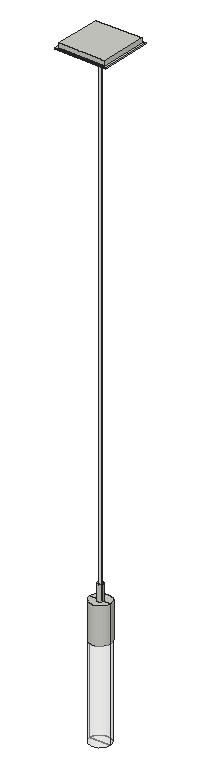
Revit family "Hemera_CDM_Cassandra-micro-suspension_R21", category Lighting Fixtures, host Ceiling, Revit 2021 (continued)
Types (224, lengths in mm): name | HL_CylinderSize | HL_CordDiameter | HL_REM-MC | HL_FinishCanopy | HL_FinishCylinder | HL_FinishCable | HL_CableStart | HL_D010 | HL_FeatureCode | HL_COC
  CDM-01-SBC-MD-COB-9W/90/30K-REM-MC-UNV | 228.60 | 3.175 | yes | 01-White painted | 01-White painted | SBC-Silky black cord | 15.88 | no | "CDM-01-SBC-MD-COB-9W/90/30K-REM-MC-UNV" | no
  CDM-01-SBC-SM-COB-9W/90/30K-REM-MC-UNV | 76.20 | 3.175 | yes | 01-White painted | 01-White painted | SBC-Silky black cord | 15.88 | no | "CDM-01-SBC-SM-COB-9W/90/30K-REM-MC-UNV" | no
  CDM-01-COC-MD-COB-9W/90/30K-D010-UNV | 228.60 | 1.59 | no | 01-White painted | 01-White painted | COC-Coaxial cable | 31.62 | yes | "CDM-01-COC-MD-COB-9W/90/30K-D010-UNV" | yes
  CDM-01-COC-MD-COB-9W/90/30K-REM-MC-UNV | 228.60 | 1.59 | yes | 01-White painted | 01-White painted | COC-Coaxial cable | 15.88 | no | "CDM-01-COC-MD-COB-9W/90/30K-REM-MC-UNV" | yes
  CDM-01-COC-SM-COB-9W/90/30K-D010-UNV | 76.20 | 1.59 | no | 01-White painted | 01-White painted | COC-Coaxial cable | 31.62 | yes | "CDM-01-COC-SM-COB-9W/90/30K-D010-UNV" | yes
  CDM-01-COC-SM-COB-9W/90/30K-REM-MC-UNV | 76.20 | 1.59 | yes | 01-White painted | 01-White painted | COC-Coaxial cable | 15.88 | no | "CDM-01-COC-SM-COB-9W/90/30K-REM-MC-UNV" | yes
  CDM-01-PWC-SM-COB-9W/90/30K-D010-UNV | 76.20 | 3.175 | no | 01-White painted | 01-White painted | PWC-Pearly white cord | 31.62 | yes | "CDM-01-PWC-SM-COB-9W/90/30K-D010-UNV" | no
  CDM-01-PWC-MD-COB-9W/90/30K-D010-UNV | 228.60 | 3.175 | no | 01-White painted | 01-White painted | PWC-Pearly white cord | 31.62 | yes | "CDM-01-PWC-MD-COB-9W/90/30K-D010-UNV" | no
  CDM-01-PWC-LG-COB-9W/90/30K-D010-UNV | 457.20 | 3.175 | no | 01-White painted | 01-White painted | PWC-Pearly white cord | 31.62 | yes | "CDM-01-PWC-LG-COB-9W/90/30K-D010-UNV" | no
  CDM-01-PWC-LG-COB-9W/90/30K-REM-MC-UNV | 457.20 | 3.175 | yes | 01-White painted | 01-White painted | PWC-Pearly white cord | 15.88 | no | "CDM-01-PWC-LG-COB-9W/90/30K-REM-MC-UNV" | no
  CDM-01-PWC-MD-COB-9W/90/30K-REM-MC-UNV | 228.60 | 3.175 | yes | 01-White painted | 01-White painted | PWC-Pearly white cord | 15.88 | no | "CDM-01-PWC-MD-COB-9W/90/30K-REM-MC-UNV" | no
  CDM-01-PWC-SM-COB-9W/90/30K-REM-MC-UNV | 76.20 | 3.175 | yes | 01-White painted | 01-White painted | PWC-Pearly white cord | 15.88 | no | "CDM-01-PWC-SM-COB-9W/90/30K-REM-MC-UNV" | no
  CDM-31-SGC-SM-COB-9W/90/30K-D010-UNV | 76.20 | 3.175 | no | 31-Polished nickel plated | 31-Polished nickel plated | SGC-Satin gold cord | 31.62 | yes | "CDM-31-SGC-SM-COB-9W/90/30K-D010-UNV" | no
  CDM-31-SGC-MD-COB-9W/90/30K-D010-UNV | 228.60 | 3.175 | no | 31-Polished nickel plated | 31-Polished nickel plated | SGC-Satin gold cord | 31.62 | yes | "CDM-31-SGC-MD-COB-9W/90/30K-D010-UNV" | no
  CDM-31-SGC-LG-COB-9W/90/30K-D010-UNV | 457.20 | 3.175 | no | 31-Polished nickel plated | 31-Polished nickel plated | SGC-Satin gold cord | 31.62 | yes | "CDM-31-SGC-LG-COB-9W/90/30K-D010-UNV" | no
  CDM-31-SGC-LG-COB-9W/90/30K-REM-MC-UNV | 457.20 | 3.175 | yes | 31-Polished nickel plated | 31-Polished nickel plated | SGC-Satin gold cord | 15.88 | no | "CDM-31-SGC-LG-COB-9W/90/30K-REM-MC-UNV" | no
  CDM-31-SGC-MD-COB-9W/90/30K-REM-MC-UNV | 228.60 | 3.175 | yes | 31-Polished nickel plated | 31-Polished nickel plated | SGC-Satin gold cord | 15.88 | no | "CDM-31-SGC-MD-COB-9W/90/30K-REM-MC-UNV" | no
  CDM-31-SGC-SM-COB-9W/90/30K-REM-MC-UNV | 76.20 | 3.175 | yes | 31-Polished nickel plated | 31-Polished nickel plated | SGC-Satin gold cord | 15.88 | no | "CDM-31-SGC-SM-COB-9W/90/30K-REM-MC-UNV" | no
  CDM-31-AGC-SM-COB-9W/90/30K-D010-UNV | 76.20 | 3.175 | no | 31-Polished nickel plated | 31-Polished nickel plated | AGC-Anthracite gray cord | 31.62 | yes | "CDM-31-AGC-SM-COB-9W/90/30K-D010-UNV" | no
  CDM-31-AGC-MD-COB-9W/90/30K-D010-UNV | 228.60 | 3.175 | no | 31-Polished nickel plated | 31-Polished nickel plated | AGC-Anthracite gray cord | 31.62 | yes | "CDM-31-AGC-MD-COB-9W/90/30K-D010-UNV" | no
  CDM-31-AGC-LG-COB-9W/90/30K-D010-UNV | 457.20 | 3.175 | no | 31-Polished nickel plated | 31-Polished nickel plated | AGC-Anthracite gray cord | 31.62 | yes | "CDM-31-AGC-LG-COB-9W/90/30K-D010-UNV" | no
  CDM-31-AGC-LG-COB-9W/90/30K-REM-MC-UNV | 457.20 | 3.175 | yes | 31-Polished nickel plated | 31-Polished nickel plated | AGC-Anthracite gray cord | 15.88 | no | "CDM-31-AGC-LG-COB-9W/90/30K-REM-MC-UNV" | no
  CDM-31-AGC-MD-COB-9W/90/30K-REM-MC-UNV | 228.60 | 3.175 | yes | 31-Polished nickel plated | 31-Polished nickel plated | AGC-Anthracite gray cord | 15.88 | no | "CDM-31-AGC-MD-COB-9W/90/30K-REM-MC-UNV" | no
  CDM-31-AGC-SM-COB-9W/90/30K-REM-MC-UNV | 76.20 | 3.175 | yes | 31-Polished nickel plated | 31-Polished nickel plated | AGC-Anthracite gray cord | 15.88 | no | "CDM-31-AGC-SM-COB-9W/90/30K-REM-MC-UNV" | no
  CDM-31-SBC-SM-COB-9W/90/30K-D010-UNV | 76.20 | 3.175 | no | 31-Polished nickel plated | 31-Polished nickel plated | SBC-Silky black cord | 31.62 | yes | "CDM-31-SBC-SM-COB-9W/90/30K-D010-UNV" | no
  CDM-31-SBC-MD-COB-9W/90/30K-D010-UNV | 228.60 | 3.175 | no | 31-Polished nickel plated | 31-Polished nickel plated | SBC-Silky black cord | 31.62 | yes | "CDM-31-SBC-MD-COB-9W/90/30K-D010-UNV" | no
  CDM-31-SBC-LG-COB-9W/90/30K-D010-UNV | 457.20 | 3.175 | no | 31-Polished nickel plated | 31-Polished nickel plated | SBC-Silky black cord | 31.62 | yes | "CDM-31-SBC-LG-COB-9W/90/30K-D010-UNV" | no
  CDM-31-SBC-LG-COB-9W/90/30K-REM-MC-UNV | 457.20 | 3.175 | yes | 31-Polished nickel plated | 31-Polished nickel plated | SBC-Silky black cord | 15.88 | no | "CDM-31-SBC-LG-COB-9W/90/30K-REM-MC-UNV" | no
  CDM-31-SBC-MD-COB-9W/90/30K-REM-MC-UNV | 228.60 | 3.175 | yes | 31-Polished nickel plated | 31-Polished nickel plated | SBC-Silky black cord | 15.88 | no | "CDM-31-SBC-MD-COB-9W/90/30K-REM-MC-UNV" | no
  CDM-31-SBC-SM-COB-9W/90/30K-REM-MC-UNV | 76.20 | 3.175 | yes | 31-Polished nickel plated | 31-Polished nickel plated | SBC-Silky black cord | 15.88 | no | "CDM-31-SBC-SM-COB-9W/90/30K-REM-MC-UNV" | no
